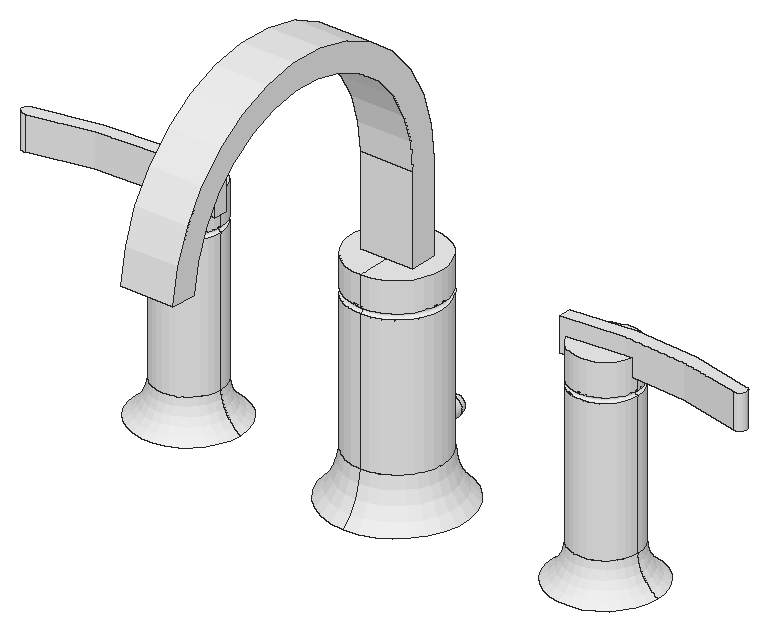
Revit family "Faucet-Two_Handle-American_Standard-Berwick-7430.8XX_Series", category Plumbing Fixtures, Revit 2014
Parameters (values of type "7430.801")
  Width = 8 3/8"
  Waste Connection = no
  Warranty Information = "1 Year (Limited)"
  WFU = 0
  Vent Connection = no
  URL = "http://www.americanstandard-us.com/"
  Specification = "Berwick Widespread. Metal Speed Connect Pop-up drain. Metal Lever handles."
  Revised Date = "02/08/2017"  # constant formula
  Product Page URL = "https://www.americanstandard-us.com/bathroom/bathroom-sink-faucets/berwick-widespread-bathroom-faucet-with-lever-handles-20089"
  Product Documentation Link = "https://www.americanstandard-us.com/-/media/sites/asus/files/product-specs/bulk/specsheet7430801.pdf?la=en"
  Price = "Prices may vary. Please consult Manufacturer Representative for most up-to-date price list."  # constant formula
  Model = "7430.801"
  Material = "Brass-American Standard-002-Polished Chrome"
  Manufacturer = "American Standard"
  Lever Handles = yes
  Length = 10"
  Installation Type = "Deck Mounted"
  Hot Water Connection Radius = 3/8"
  Hot Water Connection Diameter = Hot Water Connection Radius * 2  # 3/4"
  Height = 11 1/8"
  HWFU = 1.5
  HW Connection = yes
  Flow Rate = "1.5 GPM"
  Description = "Berwick Two-Handle Widespread Lavatory Faucet."
  Default Elevation = 0"
  Cross Handles = no
  Creation Date = "20/12/2011"  # constant formula
  Cold Water Connection Radius = 3/8"
  Cold Water Connection Diameter = Cold Water Connection Radius * 2  # 3/4"
  CWFU = 1.5
  CW Connection = yes
  Assembly Code = "D2020300"
  ADA Compliant = yes
Types (3): name | Specification | Model | Lever Handles | Cross Handles | ADA Compliant
  (no name) | "Berwick Widespread. Metal Speed Connect Pop-up drain. Metal Lever handles." | "7430.801" | yes | no | yes
  7430.801 | "Berwick Widespread. Metal Speed Connect Pop-up drain. Metal Lever handles." | "7430.801" | yes | no | yes
  7430.821 | "Berwick Widespread. Metal Speed Connect Pop-up drain. Metal Cross handles." | "7403.821" | no | yes | no
Reference planes (in)
  plane 1 "Center (Front/Back)": y = 0
  plane 2: z = 0
  plane 3 "Center (Left/Right)": x = 0
  plane 4: z = 6.9375
  plane 5: x = 4
  plane 6: x = -4
  plane 7: x = 5
  plane 8: x = 3
  plane 9: z = 4.375
  plane 10: z = 9
  plane 11: y = -5.75
  plane 12: z = 6.0625
Forms (in)
  Revolve 1, solid, material "Brass-American Standard-002-Polished Chrome"
    sketch origin (1, 0, 0) x (1, 0, 0) y (0, 0, 1)
      loop
        line (3, 0) -> (4, 0)
        arc (4, 0) -> (3.72575, 0.28037) -> (3.61775, 0.6574) r 0.79982
        line (3.61775, 0.6574) -> (3.61775, 3.35685)
        arc (3.61775, 3.35685) -> (3.56942, 3.40519) -> (3.61775, 3.45352) r 0.04833
        line (3.61775, 3.45352) -> (3.61775, 4.06361) -> (3, 4.06361) -> (3, 0)
      axis (3, 4.06361) -> (3, 0)
    angle from 0 to 360
  Revolve 2, solid, material "Brass-American Standard-002-Polished Chrome"
    sketch origin (3, 0, 0) x (-1, 0, 0) y (0, 0, 1)
      loop
        line (3, 0) -> (4, 0)
        arc (4, 0) -> (3.72026, 0.27717) -> (3.61775, 0.6574) r 0.75643
        line (3.61775, 0.6574) -> (3.61775, 3.35685)
        arc (3.61775, 3.35685) -> (3.56942, 3.40519) -> (3.61775, 3.45352) r 0.04833
        line (3.61775, 3.45352) -> (3.61775, 4.06361) -> (3, 4.06361) -> (3, 0)
      axis (3, 4.06361) -> (3, 0)
    angle from 0 to 360
  Sweep 3, solid, material "Brass-American Standard-002-Polished Chrome"
    path origin (0, 0, 0.09375) x (0, 1, 0) y (0, 0, 1)
      loop
        line (0, 4.11171) -> (0, 5.78125)
        arc (0, 5.78125) -> (-2.7812, 8.65472) -> (-5.74388, 5.96875) r 2.875
    profile origin (0, 0, 5.04023) x (0, -1, 0) y (1, 0, 0)
      loop
        line (-0.25, -0.5) -> (0.25, -0.5) -> (0.25, 0.5) -> (-0.25, 0.5) -> (-0.25, -0.5)
  Revolve 4, solid, material "Brass-American Standard-002-Polished Chrome"
    sketch origin (0, 0, 0) x (0, 1, 0) y (0, 0, 1)
      loop
        arc (1.50604, 0.99232) -> (1.44886, 1.13038) -> (1.31081, 1.18756) r 0.19524
        line (1.31081, 1.18756) -> (0.50604, 1.18756) -> (0.50604, 0.99232) -> (1.50604, 0.99232)
      axis (1.50604, 0.99232) -> (0.50604, 0.99232)
    angle from 0 to 360
  Revolve 5, solid, material "Brass-American Standard-002-Polished Chrome"
    sketch origin (0, 14.75, -0.35864) x (0, 1, 0) y (0, 0, 1)
      loop
        line (-14.75, 0.35864) -> (-14.75, 4.5641) -> (-15.625, 4.5641) -> (-15.625, 3.99869)
        arc (-15.625, 3.99869) -> (-15.56806, 3.94175) -> (-15.625, 3.88482) r 0.05694
        line (-15.625, 3.88482) -> (-15.625, 1.22359)
        arc (-15.625, 1.22359) -> (-15.73897, 0.75048) -> (-16.02758, 0.35864) r 1.22952
        line (-16.02758, 0.35864) -> (-14.75, 0.35864)
      axis (-14.75, 4.5641) -> (-14.75, 0.35864)
    angle from 0 to 360
  Extrusion 6, solid, material "Brass-American Standard-002-Polished Chrome", visible <- "Lever Handles"
    sketch origin (1.0478, 0, 0) x (1, 0, 0) y (0, 1, 0)
      loop
        line (2.25777, 0.01672) -> (2.25777, -0.23326)
        arc (2.25777, -0.23326) -> (4.01093, -0.12793) -> (5.74205, -0.42445) r 7.66459
        arc (5.74205, -0.42445) -> (5.89477, -0.34084) -> (5.81116, -0.18812) r 0.12311
        arc (5.81116, -0.18812) -> (4.04613, 0.11674) -> (2.25777, 0.01672) r 7.91082
    from 3.73251 to 4.375
  Revolve 7, solid, material "Brass-American Standard-002-Polished Chrome"
    sketch origin (-1, 0, 0) x (-1, 0, 0) y (0, 0, -1)
      loop
        line (3, 0) -> (3, -4.06361) -> (3.61775, -4.06361) -> (3.61775, -3.45352)
        arc (3.61775, -3.45352) -> (3.56942, -3.40519) -> (3.61775, -3.35685) r 0.04833
        line (3.61775, -3.35685) -> (3.61775, -0.6574)
        arc (3.61775, -0.6574) -> (3.72575, -0.28037) -> (4, 0) r 0.79982
        line (4, 0) -> (3, 0)
      axis (3, -4.06361) -> (3, 0)
    angle from 0 to 360
  Extrusion 8, solid, material "Brass-American Standard-002-Polished Chrome", visible <- "Lever Handles"
    sketch origin (-1.0478, 0, 0) x (-1, 0, 0) y (0, -1, 0)
      loop
        arc (2.25777, -0.01672) -> (4.04613, -0.11674) -> (5.81116, 0.18812) r 7.91082
        arc (5.81116, 0.18812) -> (5.89477, 0.34084) -> (5.74205, 0.42445) r 0.12311
        arc (5.74205, 0.42445) -> (4.01093, 0.12793) -> (2.25777, 0.23326) r 7.66459
        line (2.25777, 0.23326) -> (2.25777, -0.01672)
    from 3.73251 to 4.375
  Extrusion 9, solid, material "Brass-American Standard-002-Polished Chrome", visible <- "Cross Handles"
    sketch origin (-1, 0, 0) x (1, 0, 0) y (0, 1, 0)
      loop
        line (-4.24373, -0.125) -> (-3.125, -0.125) -> (-3.125, -1.24373) -> (-2.875, -1.24373) -> (-2.875, -0.125) -> (-1.75627, -0.125) -> (-1.75627, 0.125) -> (-2.875, 0.125) -> (-2.875, 1.24373) -> (-3.125, 1.24373) -> (-3.125, 0.125) -> (-4.24373, 0.125) -> (-4.24373, -0.125)
    from 3.73251 to 4.375
  Extrusion 10, solid, material "Brass-American Standard-002-Polished Chrome", visible <- "Cross Handles"
    sketch origin (1, 0, 0) x (-1, 0, 0) y (0, -1, 0)
      loop
        line (-4.24373, 0.125) -> (-4.24373, -0.125) -> (-3.125, -0.125) -> (-3.125, -1.24373) -> (-2.875, -1.24373) -> (-2.875, -0.125) -> (-1.75627, -0.125) -> (-1.75627, 0.125) -> (-2.875, 0.125) -> (-2.875, 1.24373) -> (-3.125, 1.24373) -> (-3.125, 0.125) -> (-4.24373, 0.125)
    from 3.73251 to 4.375
Cuts and joins
  joined: Revolve 1, Revolve 2, Sweep 3, Revolve 5
Lines and regions (in)
  Masking region 1
    outline origin (0, 0, 0) x (1, 0, 0) y (0, 1, 0)
      loop
        circle (4, 0) r 1
      loop
        arc (0.1945, 1.26268) -> (0, 1.5075) -> (-0.1945, 1.26268) r 0.19967
        arc (-0.1945, 1.26268) -> (-1.26766, 0.15882) -> (-0.5, -1.17567) r 1.27758
        line (-0.5, -1.17567) -> (-0.5, -8.625) -> (0.5, -8.625) -> (0.5, -1.17567)
        arc (0.5, -1.17567) -> (1.26766, 0.15882) -> (0.1945, 1.26268) r 1.27758
      loop
        circle (-4, 0) r 1
  Masking region 2, visible <- "Cross Handles"
    outline origin (0, 0, 0) x (1, 0, 0) y (0, 1, 0)
      loop
        line (-2.75627, 0.125) -> (-3.875, 0.125) -> (-3.875, 1.24373) -> (-4.125, 1.24373) -> (-4.125, 0.125) -> (-5.24373, 0.125) -> (-5.24373, -0.125) -> (-4.125, -0.125) -> (-4.125, -1.24373) -> (-3.875, -1.24373) -> (-3.875, -0.125) -> (-2.75627, -0.125) -> (-2.75627, 0.125)
      loop
        line (2.75627, 0.125) -> (2.75627, -0.125) -> (3.875, -0.125) -> (3.875, -1.24373) -> (4.125, -1.24373) -> (4.125, -0.125) -> (5.24373, -0.125) -> (5.24373, 0.125) -> (4.125, 0.125) -> (4.125, 1.24373) -> (3.875, 1.24373) -> (3.875, 0.125) -> (2.75627, 0.125)
  Masking region 3, visible <- "Lever Handles"
    outline origin (0, 0, 0) x (1, 0, 0) y (0, 1, 0)
      loop
        arc (3.30557, -0.23326) -> (5.05874, -0.12793) -> (6.78985, -0.42445) r 7.66459
        arc (6.78985, -0.42445) -> (6.94257, -0.34084) -> (6.85896, -0.18812) r 0.12311
        arc (6.85896, -0.18812) -> (5.09393, 0.11674) -> (3.30557, 0.01672) r 7.91082
        line (3.30557, 0.01672) -> (3.30557, -0.23326)
      loop
        line (-3.30557, -0.23326) -> (-3.30557, 0.01672)
        arc (-3.30557, 0.01672) -> (-5.09393, 0.11674) -> (-6.85896, -0.18812) r 7.91082
        arc (-6.85896, -0.18812) -> (-6.94257, -0.34084) -> (-6.78985, -0.42445) r 0.12311
        arc (-6.78985, -0.42445) -> (-5.05874, -0.12793) -> (-3.30557, -0.23326) r 7.66459
  symbolic lines, detail levels medium+fine
    curve 1: line (-0.5, -1.17567, 0) -> (-0.5, 0.25, 0)
    curve 2: line (-0.5, 0.25, 0) -> (0.5, 0.25, 0)
    curve 3: line (0.5, 0.25, 0) -> (0.5, -1.17567, 0)
  symbolic lines, detail levels fine
    curve 4: arc (-0.5, -0.71807, 0) -> (0, 0.875, 0) -> (0.5, -0.71807, 0) r 0.875
    curve 5: line (-0.1945, 1.26268, 0) -> (-0.1945, 0.85311, 0)
    curve 6: line (0.1945, 1.26268, 0) -> (0.1945, 0.85311, 0)
  symbolic lines, visible <- "Lever Handles", detail levels fine
    curve 7: arc (4.60497, 0.125, 0) -> (3.9519, 0.61588, 0) -> (3.38295, 0.02955, 0) r 0.61775
    curve 8: arc (4.60497, -0.125, 0) -> (4.04622, -0.61602, 0) -> (3.42045, -0.21387, 0) r 0.61775
    curve 13: arc (-4.60497, 0.125, 0) -> (-3.9519, 0.61588, 0) -> (-3.38295, 0.02955, 0) r 0.61775
    curve 14: arc (-4.60497, -0.125, 0) -> (-4.04622, -0.61602, 0) -> (-3.42045, -0.21387, 0) r 0.61775
  symbolic lines, visible <- "Cross Handles", detail levels fine
    curve 9: arc (3.87543, 0.60506, 0) -> (3.56334, 0.43697, 0) -> (3.39503, 0.125, 0) r 0.61775
    curve 10: arc (4.12466, 0.60504, 0) -> (4.4367, 0.43694, 0) -> (4.60497, 0.125, 0) r 0.61775
    curve 11: arc (3.87543, -0.60506, 0) -> (3.56334, -0.43697, 0) -> (3.39503, -0.125, 0) r 0.61775
    curve 12: arc (4.12466, -0.60504, 0) -> (4.4367, -0.43694, 0) -> (4.60497, -0.125, 0) r 0.61775
    curve 15: arc (-3.87543, 0.60506, 0) -> (-3.56334, 0.43697, 0) -> (-3.39503, 0.125, 0) r 0.61775
    curve 16: arc (-4.12466, 0.60504, 0) -> (-4.4367, 0.43694, 0) -> (-4.60497, 0.125, 0) r 0.61775
    curve 17: arc (-3.87543, -0.60506, 0) -> (-3.56334, -0.43697, 0) -> (-3.39503, -0.125, 0) r 0.61775
    curve 18: arc (-4.12466, -0.60504, 0) -> (-4.4367, -0.43694, 0) -> (-4.60497, -0.125, 0) r 0.61775
Dimensions and locks (in)
  plane 9 to plane 2 = 4 3/8"
Connectors (in)
  piping at (4, 0, 0), diameter 0.375, driven by "Cold Water Connection Radius", driven by "CWFU"
    settings: on cut or joined group of Revolve 1, Revolve 2, Sweep 3, Revolve 5, index 1, connector inside diameter 24", connector length 0", flow factor 0, pipe flow 0 GPM, pressure drop 0.00 psi, fitting loss kfactor 0, connector angle 0.00°, fixture units 1.5, engagement length 0", angle of deflection 0.00°, flow configuration 3, flow direction 1, fitting loss method 0, system type 20, joint type 0, gender type 0, connector reference index -1, connector utility 0, adjustable connector no, is connector primary yes, connector description "3/4\" CW Supply Inlet"
  piping at (-4, 0, 0), diameter 0.375, driven by "Hot Water Connection Radius", driven by "HWFU"
    settings: on Revolve 7, index 2, connector inside diameter 24", connector length 0", flow factor 0, pipe flow 0 GPM, pressure drop 0.00 psi, fitting loss kfactor 0, connector angle 0.00°, fixture units 1.5, engagement length 0", angle of deflection 0.00°, flow configuration 3, flow direction 1, fitting loss method 0, system type 19, joint type 0, gender type 0, connector reference index -1, connector utility 0, adjustable connector no, is connector primary no, connector description "3/4\" HW Supply Inlet"
